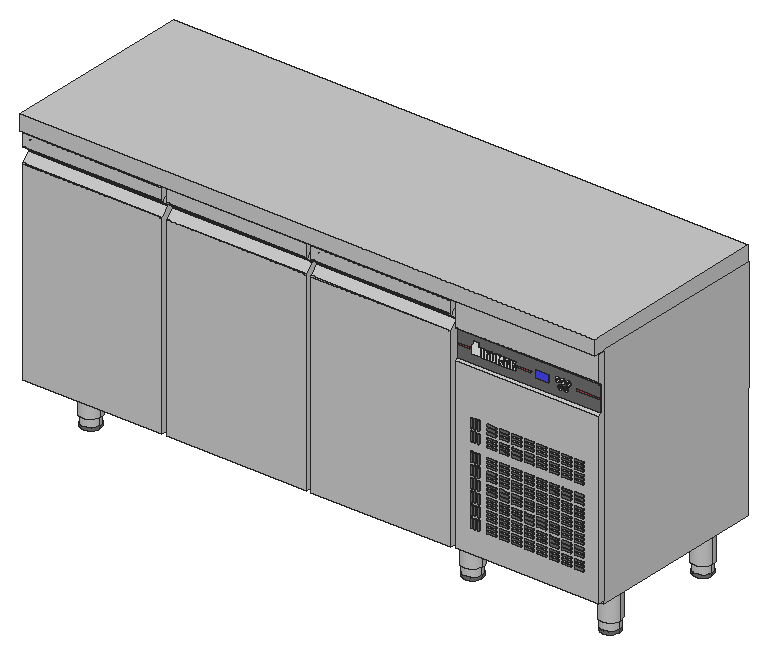
Revit family "QF_INOMAK_PMRP999_250528101708", category Specialty Equipment, Revit 2021 (continued)
Definition of nested family "QF_INOMAK_REF_COUNTERS_DOORS_DRAWERS_16690"
  Definition of nested family "4_Drawers_1-4"
    Parameters (values of type "4 Drawers 1-4")
      URL = "www.specifiglobal.com"
      Top inset [instance] = 4 mm
      Right panel thickness [instance] = 35 mm
      Rear inset [instance] = 10 mm
      Plinth height [instance] = 150 mm
      Model = ""
      Manufacturer = "DEMO CONSULTANT"
      Length Actual [instance] = 1200 mm
      Left panel thickness [instance] = 35 mm
      Height Actual [instance] = 900 mm
      Front inset [instance] = 10 mm
      Finish [instance] = none
      Doors drawers type [instance] = 7
      Description = ""
      Depth Actual [instance] = 700 mm
      Default Elevation = 0 mm
      Bottom inset [instance] = 4 mm
      Assembly Code = "E1090320"
      4 Drawers [instance] = Doors drawers type = 7  # yes
    Reference planes
      plane 1 "Back": y = 0
      plane 2: z = 0
      plane 3 "Left": x = 0
      plane 4 "Right": x = 1200
      plane 5 "Front": y = -700
      plane 6 "Top": z = 1050
      plane 7 "Front legs": y = -690
      plane 8 "Legs top": z = 150
      plane 9 "Backsplash thickness": y = -10
      plane 10 "Left panel": x = 35
      plane 11 "Right panel": x = 1165
      plane 12: z = 824.25
      plane 13: z = 1046
      plane 14: z = 826.083
      plane 15: z = 822.417
      plane 16: z = 1048.5
      plane 17: z = 375.75
      plane 18: z = 377.917
      plane 19: z = 373.583
      plane 20: z = 154
      plane 21: z = 151.5
      plane 22: z = 600
      plane 23: z = 601.833
      plane 24: z = 598.167
    Forms (mm)
      Extrusion 1, solid, material <- "Finish", visible <- "4 Drawers"
        sketch origin (35, 0, -1) x (0, -1, 0) y (0, 0, 1)
          loop
            line (680, 1047) -> (670, 1047) -> (670, 827.083) -> (690, 827.083) -> (690, 990.844)
            arc (690, 990.844) -> (689.115, 996.728) -> (686.539, 1002.09) r 20
            line (686.539, 1002.09) -> (673, 1022) -> (673, 1044) -> (680, 1044)
            arc (680, 1044) -> (684.95, 1041.95) -> (687, 1037) r 7
            line (687, 1037) -> (687, 1031.988) -> (690, 1031.988) -> (690, 1037)
            arc (690, 1037) -> (687.071, 1044.071) -> (680, 1047) r 10
        from 0 to -1130
      Extrusion 2, solid, visible <- "4 Drawers", detail levels coarse
        sketch origin (0, -640.463, 826.083) x (0, 1, 0) y (-1, 0, 0)
          loop
            line (-49.537, -35) -> (-624.537, -35) -> (-624.537, -1165) -> (-49.537, -1165) -> (-49.537, -35)
        from 0 to 219.917
      Extrusion 3, solid, visible <- "4 Drawers", detail levels coarse
        sketch origin (0, -700, 154) x (-1, 0, 0) y (0, 1, 0)
          loop
            line (-35, 10) -> (-1165, 10) -> (-1165, -565) -> (-35, -565) -> (-35, 10)
        from 0 to -219.583
      Extrusion 4, solid, material <- "Finish", visible <- "4 Drawers"
        sketch origin (35, 0, -440.333) x (0, -1, 0) y (0, 0, 1)
          loop
            line (680, 813.917) -> (670, 813.917) -> (670, 594.333) -> (690, 594.333) -> (690, 757.761)
            arc (690, 757.761) -> (689.115, 763.644) -> (686.539, 769.007) r 20
            line (686.539, 769.007) -> (673, 788.917) -> (673, 810.917) -> (680, 810.917)
            arc (680, 810.917) -> (684.95, 808.866) -> (687, 803.917) r 7
            line (687, 803.917) -> (687, 798.904) -> (690, 798.904) -> (690, 803.917)
            arc (690, 803.917) -> (687.071, 810.988) -> (680, 813.917) r 10
        from 0 to -1130
      Extrusion 5, solid, material <- "Finish", visible <- "4 Drawers"
        sketch origin (35, 0, -165.333) x (0, -1, 0) y (0, 0, 1)
          loop
            line (680, 987.75) -> (670, 987.75) -> (670, 767.167) -> (690, 767.167) -> (690, 931.594)
            arc (690, 931.594) -> (689.115, 937.478) -> (686.539, 942.84) r 20
            line (686.539, 942.84) -> (673, 962.75) -> (673, 984.75) -> (680, 984.75)
            arc (680, 984.75) -> (684.95, 982.7) -> (687, 977.75) r 7
            line (687, 977.75) -> (687, 972.738) -> (690, 972.738) -> (690, 977.75)
            arc (690, 977.75) -> (687.071, 984.821) -> (680, 987.75) r 10
        from 0 to -1130
      Extrusion 6, solid, material <- "Finish", visible <- "4 Drawers"
        sketch origin (35, 0, -330.333) x (0, -1, 0) y (0, 0, 1)
          loop
            line (680, 928.5) -> (670, 928.5) -> (670, 708.25) -> (690, 708.25) -> (690, 872.344)
            arc (690, 872.344) -> (689.115, 878.228) -> (686.539, 883.59) r 20
            line (686.539, 883.59) -> (673, 903.5) -> (673, 925.5) -> (680, 925.5)
            arc (680, 925.5) -> (684.95, 923.45) -> (687, 918.5) r 7
            line (687, 918.5) -> (687, 913.488) -> (690, 913.488) -> (690, 918.5)
            arc (690, 918.5) -> (687.071, 925.571) -> (680, 928.5) r 10
        from 0 to -1130
      Extrusion 7, solid, visible <- "4 Drawers", detail levels coarse
        sketch origin (0, -500.463, 601.833) x (0, 1, 0) y (-1, 0, 0)
          loop
            line (-189.537, -35) -> (-764.537, -35) -> (-764.537, -1165) -> (-189.537, -1165) -> (-189.537, -35)
        from 0 to 220.583
      Extrusion 8, solid, visible <- "4 Drawers", detail levels coarse
        sketch origin (0, -540.463, 377.917) x (0, 1, 0) y (-1, 0, 0)
          loop
            line (-149.537, -35) -> (-724.537, -35) -> (-724.537, -1165) -> (-149.537, -1165) -> (-149.537, -35)
        from 0 to 220.25
    Lines and regions (mm)
      symbolic lines, visible <- "4 Drawers"
        curve 1: line (35, -945, 900) -> (35, -985, 900)
        curve 2: line (35, -985, 900) -> (1165, -985, 900)
        curve 3: line (1165, -985, 900) -> (1165, -945, 900)
        curve 4: line (1165, -945, 900) -> (35, -945, 900)
        curve 5: line (1135, -945, 900) -> (1135, -845, 900)
        curve 6: line (65, -945, 900) -> (65, -845, 900)
        curve 7: line (35, -1085, 900) -> (35, -1125, 900)
        curve 8: line (35, -1125, 900) -> (1165, -1125, 900)
        curve 9: line (1165, -1125, 900) -> (1165, -1085, 900)
        curve 10: line (1165, -1085, 900) -> (35, -1085, 900)
        curve 11: line (1135, -1085, 900) -> (1135, -985, 900)
        curve 12: line (65, -1085, 900) -> (65, -985, 900)
        curve 13: line (35, -1225, 900) -> (35, -1265, 900)
        curve 14: line (35, -1265, 900) -> (1165, -1265, 900)
        curve 15: line (1165, -1265, 900) -> (1165, -1225, 900)
        curve 16: line (1165, -1225, 900) -> (35, -1225, 900)
        curve 17: line (1135, -1225, 900) -> (1135, -1125, 900)
        curve 18: line (65, -1225, 900) -> (65, -1125, 900)
        curve 19: line (35, -805, 900) -> (35, -845, 900)
        curve 20: line (35, -845, 900) -> (1165, -845, 900)
        curve 21: line (1165, -845, 900) -> (1165, -805, 900)
        curve 22: line (1165, -805, 900) -> (35, -805, 900)
        curve 23: line (65, -805, 900) -> (65, -700, 900)
        curve 24: line (1135, -805, 900) -> (1135, -700, 900)
    Dimensions and locks
      "Length Actual": plane 3 "Left" to plane 4 "Right"
      "Depth Actual": plane 5 "Front" to plane 1 "Back"
      "Height Actual": plane 6 "Top" to plane 8 "Legs top"
      "Front inset": plane 7 "Front legs" to plane 5 "Front"
      "Plinth height": plane 8 "Legs top" to plane 2
      "Rear inset": plane 9 "Backsplash thickness" to plane 1 "Back"
      "Right panel thickness": plane 11 "Right panel" to plane 4 "Right"
      "Left panel thickness": plane 3 "Left" to plane 10 "Left panel"
      locked: plane 14 to plane 15 at 3.667
      equal spacing: plane 14, plane 12, plane 15
      locked: plane 23 to plane 24 at 3.667
      equal spacing: plane 23, plane 22, plane 24
      "Bottom inset": plane 20 to plane 8 "Legs top"
      equal spacing: plane 19, plane 17, plane 18
      locked: plane 19 to plane 18 at 4.333
      equal spacing: plane 21, plane 17, plane 22, plane 12, plane 16
      locked: plane 13 to plane 16 at 2.5
      "Top inset": plane 13 to plane 6 "Top"
      locked: plane 21 to plane 20 at 2.5
      aligned and locked: level to plane 2
      aligned and locked: plane 7 "Front legs" to Extrusion 1 sketch curve  (x2)
      aligned and locked: Extrusion 1 to plane 11 "Right panel"
      aligned and locked: Extrusion 1 sketch curve to plane 13
      aligned and locked: Extrusion 1 sketch curve to plane 14
      aligned and locked: plane 10 "Left panel" to curve 1
      aligned and locked: plane 10 "Left panel" to curve 7
      aligned and locked: plane 10 "Left panel" to curve 13
      aligned and locked: Extrusion 2 sketch curve to plane 10 "Left panel"
      aligned and locked: plane 11 "Right panel" to Extrusion 2 sketch curve
      aligned and locked: Extrusion 3 sketch curve to plane 10 "Left panel"
      aligned and locked: plane 11 "Right panel" to Extrusion 3 sketch curve
      aligned and locked: Extrusion 2 to plane 13
      aligned and locked: Extrusion 3 to plane 19
      aligned and locked: plane 20 to Extrusion 4 sketch curve
      aligned and locked: Extrusion 4 to plane 11 "Right panel"
      aligned and locked: Extrusion 5 sketch curve to plane 15
      aligned and locked: plane 7 "Front legs" to Extrusion 5 sketch curve
      aligned and locked: Extrusion 5 sketch curve to plane 23
      aligned and locked: Extrusion 6 sketch curve to plane 24
      aligned and locked: plane 7 "Front legs" to Extrusion 6 sketch curve
      aligned and locked: Extrusion 6 sketch curve to plane 18
      aligned and locked: Extrusion 7 to plane 15
      aligned and locked: Extrusion 8 to plane 24
      aligned and locked: Extrusion 5 to plane 11 "Right panel"
      aligned and locked: Extrusion 6 to plane 11 "Right panel"
    Automatic sketch dimensions
      Extrusion 1 sketch curve to Extrusion 1 sketch curve = 0 mm  (x2)
      plane 7 "Front legs" to Extrusion 1 sketch curve = 3 mm
      plane 7 "Front legs" to Extrusion 1 sketch curve = 3.461 mm
      plane 7 "Front legs" to Extrusion 1 sketch curve = 10 mm
      Extrusion 1 sketch curve to Extrusion 1 sketch curve = 7 mm
      plane 7 "Front legs" to Extrusion 1 sketch curve = 20 mm  (x2)
      Extrusion 1 sketch curve to Extrusion 1 sketch curve = 46.156 mm
      Extrusion 1 sketch curve to Extrusion 1 sketch curve = 15 mm
      Extrusion 1 sketch curve to Extrusion 1 sketch curve = 5.012 mm
      Extrusion 2 sketch curve to plane 7 "Front legs" = 0 mm
      Extrusion 2 sketch curve to plane 5 "Front" = 565 mm
      Extrusion 3 sketch curve to plane 7 "Front legs" = 0 mm
      Extrusion 3 sketch curve to plane 5 "Front" = 565 mm
      Extrusion 5 sketch curve to Extrusion 5 sketch curve = 0 mm  (x2)
      Extrusion 5 sketch curve to plane 7 "Front legs" = 0 mm
      plane 7 "Front legs" to Extrusion 5 sketch curve = 3 mm
      plane 7 "Front legs" to Extrusion 5 sketch curve = 3.461 mm
      plane 7 "Front legs" to Extrusion 5 sketch curve = 10 mm
      Extrusion 5 sketch curve to Extrusion 5 sketch curve = 7 mm
      plane 7 "Front legs" to Extrusion 5 sketch curve = 20 mm  (x2)
      Extrusion 5 sketch curve to Extrusion 5 sketch curve = 46.156 mm
      Extrusion 5 sketch curve to Extrusion 5 sketch curve = 15 mm
      Extrusion 5 sketch curve to Extrusion 5 sketch curve = 5.012 mm
      Extrusion 6 sketch curve to Extrusion 6 sketch curve = 0 mm  (x2)
      Extrusion 6 sketch curve to plane 7 "Front legs" = 0 mm
      plane 7 "Front legs" to Extrusion 6 sketch curve = 3 mm
      plane 7 "Front legs" to Extrusion 6 sketch curve = 3.461 mm
      plane 7 "Front legs" to Extrusion 6 sketch curve = 10 mm
      Extrusion 6 sketch curve to Extrusion 6 sketch curve = 7 mm
      plane 7 "Front legs" to Extrusion 6 sketch curve = 20 mm  (x2)
      Extrusion 6 sketch curve to Extrusion 6 sketch curve = 46.156 mm
      Extrusion 6 sketch curve to Extrusion 6 sketch curve = 15 mm
      Extrusion 6 sketch curve to Extrusion 6 sketch curve = 5.012 mm
      curve 14 to plane 11 "Right panel" = 0 mm
      curve 8 to plane 11 "Right panel" = 0 mm
      curve 2 to plane 11 "Right panel" = 0 mm
      curve 21 to plane 11 "Right panel" = 0 mm
      curve 20 to plane 10 "Left panel" = 0 mm
      curve 23 to plane 5 "Front" = 0 mm
      curve 24 to plane 5 "Front" = 0 mm
      curve 21 to plane 5 "Front" = 105 mm
      curve 20 to curve 21 = 40 mm
      curve 3 to curve 20 = 100 mm
      curve 3 to curve 3 = 40 mm
      curve 10 to curve 1 = 100 mm
      curve 9 to curve 9 = 40 mm
      curve 15 to curve 8 = 100 mm
      curve 15 to curve 15 = 40 mm
      plane 11 "Right panel" to curve 24 = 30 mm
      curve 8 to curve 17 = 30 mm
      curve 11 to curve 17 = 0 mm
      curve 23 to plane 10 "Left panel" = 30 mm
      curve 12 to curve 6 = 0 mm
      curve 18 to curve 12 = 0 mm
      Extrusion 4 sketch curve to Extrusion 4 sketch curve = 0 mm  (x2)
      plane 19 to Extrusion 4 sketch curve = 0 mm
      Extrusion 4 sketch curve to plane 7 "Front legs" = 0 mm  (x2)
      plane 7 "Front legs" to Extrusion 4 sketch curve = 3 mm
      plane 7 "Front legs" to Extrusion 4 sketch curve = 3.461 mm
      plane 7 "Front legs" to Extrusion 4 sketch curve = 10 mm
      Extrusion 4 sketch curve to Extrusion 4 sketch curve = 7 mm
      plane 7 "Front legs" to Extrusion 4 sketch curve = 20 mm  (x2)
      Extrusion 4 sketch curve to Extrusion 4 sketch curve = 46.156 mm
      Extrusion 4 sketch curve to Extrusion 4 sketch curve = 15 mm
      Extrusion 4 sketch curve to Extrusion 4 sketch curve = 5.012 mm
      Extrusion 7 sketch curve to plane 10 "Left panel" = 0 mm
      Extrusion 7 sketch curve to plane 11 "Right panel" = 0 mm
      Extrusion 7 sketch curve to plane 7 "Front legs" = 0 mm
      Extrusion 7 sketch curve to plane 5 "Front" = 565 mm
      Extrusion 8 sketch curve to plane 10 "Left panel" = 0 mm
      Extrusion 8 sketch curve to plane 11 "Right panel" = 0 mm
      Extrusion 8 sketch curve to plane 7 "Front legs" = 0 mm
      Extrusion 8 sketch curve to plane 5 "Front" = 565 mm
      curve 6 to plane 10 "Left panel" = 30 mm
      curve 5 to curve 24 = 0 mm
  Definition of nested family "Hinged_Doors"
    Parameters (values of type "Hinged doors")
      URL = "www.specifiglobal.com"
      Top inset [instance] = 4 mm
      Right panel thickness [instance] = 35 mm
      Rear inset [instance] = 10 mm
      Plinth height [instance] = 150 mm
      Model = ""
      Manufacturer = "DEMO CONSULTANT"
      Length Actual [instance] = 1200 mm
      Left panel thickness [instance] = 35 mm
      Hinged doors [instance] = Doors drawers type = 3  # yes
      Height Actual [instance] = 900 mm
      Front inset [instance] = 10 mm
      Finish [instance] = none
      Doors drawers type [instance] = 3
      Description = ""
      Depth Actual [instance] = 700 mm
      Default Elevation = 0 mm
      Bottom inset [instance] = 4 mm
      Assembly Code = "E1090320"
    Reference planes
      plane 1 "Back": y = 0
      plane 2: z = 0
      plane 3 "Left": x = 0
      plane 4 "Right": x = 1200
      plane 5 "Front": y = -700
      plane 6 "Top": z = 1050
      plane 7 "Front legs": y = -690
      plane 8 "Legs top": z = 150
      plane 9 "Backsplash thickness": y = -10
      plane 10: x = 35
      plane 11: x = 1165
      plane 12 "Center Left-Right": x = 600
      plane 13: x = 597.5
      plane 14: x = 602.5
      plane 15: z = 154
      plane 16: z = 1046
    Forms (mm)
      Extrusion 1, solid, material <- "Finish", visible <- "Hinged doors"
        sketch origin (35, -2307.849, 4000) x (0, -1, 0) y (0, 0, 1)
          loop
            line (-1627.849, -2954) -> (-1637.849, -2954) -> (-1637.849, -3846) -> (-1617.849, -3846) -> (-1617.849, -3010.156)
            arc (-1617.849, -3010.156) -> (-1618.734, -3004.272) -> (-1621.31, -2998.91) r 20
            line (-1621.31, -2998.91) -> (-1634.849, -2979) -> (-1634.849, -2957) -> (-1627.849, -2957)
            arc (-1627.849, -2957) -> (-1622.899, -2959.05) -> (-1620.849, -2964) r 7
            line (-1620.849, -2964) -> (-1620.849, -2969.012) -> (-1617.849, -2969.012) -> (-1617.849, -2964)
            arc (-1617.849, -2964) -> (-1620.778, -2956.929) -> (-1627.849, -2954) r 10
        from 0 to -562.5
      Extrusion 2, solid, visible <- "Hinged doors", detail levels coarse
        sketch origin (0, -700, 154) x (-1, 0, 0) y (0, 1, 0)
          loop
            line (-35, 10) -> (-597.5, 10)
            arc (-597.5, 10) -> (-432.748, -387.748) -> (-35, -552.5) r 562.5
            line (-35, -552.5) -> (-35, 10)
        from 0 to -892
      Extrusion 3, solid, material <- "Finish", visible <- "Hinged doors"
        sketch origin (1165, -2312.576, 4000) x (0, -1, 0) y (0, 0, 1)
          loop
            line (-1632.576, -2954) -> (-1642.576, -2954) -> (-1642.576, -3846) -> (-1622.576, -3846) -> (-1622.576, -3010.156)
            arc (-1622.576, -3010.156) -> (-1623.46, -3004.272) -> (-1626.037, -2998.91) r 20
            line (-1626.037, -2998.91) -> (-1639.576, -2979) -> (-1639.576, -2957) -> (-1632.576, -2957)
            arc (-1632.576, -2957) -> (-1627.626, -2959.05) -> (-1625.576, -2964) r 7
            line (-1625.576, -2964) -> (-1625.576, -2969.012) -> (-1622.576, -2969.012) -> (-1622.576, -2964)
            arc (-1622.576, -2964) -> (-1625.504, -2956.929) -> (-1632.576, -2954) r 10
        from 0 to 562.5
      Extrusion 4, solid, visible <- "Hinged doors", detail levels coarse
        sketch origin (0, -700, 154) x (-1, 0, 0) y (0, 1, 0)
          loop
            line (-1165, 10) -> (-1165, -552.5)
            arc (-1165, -552.5) -> (-767.252, -387.748) -> (-602.5, 10) r 562.5
            line (-602.5, 10) -> (-1165, 10)
        from 0 to -892
    Lines and regions (mm)
      symbolic lines, visible <- "Hinged doors"
        curve 1: line (35, -700, 150) -> (35, -1252.5, 150)
        curve 2: arc (35, -1252.5, 150) -> (429.196, -1091.268, 150) -> (597.411, -700, 150) r 562.5
        curve 3: arc (602.589, -700, 150) -> (770.804, -1091.268, 150) -> (1165, -1252.5, 150) r 562.5
        curve 4: line (1165, -1252.5, 150) -> (1165, -700, 150)
    Dimensions and locks
      "Length Actual": plane 3 "Left" to plane 4 "Right"
      "Depth Actual": plane 5 "Front" to plane 1 "Back"
      "Height Actual": plane 6 "Top" to plane 8 "Legs top"
      "Front inset": plane 7 "Front legs" to plane 5 "Front"
      "Plinth height": plane 8 "Legs top" to plane 2
      "Rear inset": plane 9 "Backsplash thickness" to plane 1 "Back"
      "Right panel thickness": plane 11 to plane 4 "Right"
      "Left panel thickness": plane 3 "Left" to plane 10
      equal spacing: plane 10, plane 12 "Center Left-Right", plane 11
      plane 13 to plane 12 "Center Left-Right" = 2.5 mm
      plane 12 "Center Left-Right" to plane 14 = 2.5 mm
      "Bottom inset": plane 15 to plane 8 "Legs top"
      "Top inset": plane 16 to plane 6 "Top"
      aligned and locked: level to plane 2
      aligned and locked: Extrusion 1 to plane 13
      aligned and locked: plane 10 to Extrusion 2 sketch curve
      aligned and locked: plane 13 to Extrusion 2 sketch curve
      aligned and locked: plane 7 "Front legs" to Extrusion 2 sketch curve  (x2)
      aligned and locked: plane 14 to Extrusion 3
      aligned and locked: Extrusion 2 to curve 1
      aligned and locked: curve 2 to Extrusion 2
      aligned and locked: curve 3 to Extrusion 4
      aligned and locked: curve 4 to Extrusion 4
      aligned and locked: plane 5 "Front" to curve 1
      aligned and locked: plane 5 "Front" to curve 2
      aligned and locked: plane 5 "Front" to curve 3
      aligned and locked: plane 5 "Front" to curve 4
      aligned and locked: Extrusion 4 to plane 16
      aligned and locked: Extrusion 2 to plane 16
      aligned and locked: Extrusion 1 sketch curve to plane 16
      aligned and locked: Extrusion 1 sketch curve to plane 15
      aligned and locked: Extrusion 3 sketch curve to plane 15
      aligned and locked: Extrusion 3 sketch curve to plane 16
    Automatic sketch dimensions
      Extrusion 1 sketch curve to Extrusion 1 sketch curve = 0 mm  (x2)
      Extrusion 1 sketch curve to plane 7 "Front legs" = 0 mm  (x2)
      plane 7 "Front legs" to Extrusion 1 sketch curve = 3 mm
      plane 7 "Front legs" to Extrusion 1 sketch curve = 3.461 mm
      plane 7 "Front legs" to Extrusion 1 sketch curve = 10 mm
      Extrusion 1 sketch curve to Extrusion 1 sketch curve = 7 mm
      plane 7 "Front legs" to Extrusion 1 sketch curve = 20 mm  (x2)
      Extrusion 1 sketch curve to Extrusion 1 sketch curve = 46.156 mm
      Extrusion 1 sketch curve to Extrusion 1 sketch curve = 15 mm
      Extrusion 1 sketch curve to Extrusion 1 sketch curve = 5.012 mm
      Extrusion 3 sketch curve to Extrusion 3 sketch curve = 0 mm  (x2)
      Extrusion 3 sketch curve to plane 7 "Front legs" = 0 mm  (x2)
      Extrusion 3 sketch curve to Extrusion 3 sketch curve = 3 mm
      plane 7 "Front legs" to Extrusion 3 sketch curve = 3.461 mm
      plane 7 "Front legs" to Extrusion 3 sketch curve = 10 mm
      Extrusion 3 sketch curve to Extrusion 3 sketch curve = 7 mm
      Extrusion 3 sketch curve to Extrusion 3 sketch curve = 16.539 mm
      Extrusion 3 sketch curve to Extrusion 3 sketch curve = 20 mm
      Extrusion 3 sketch curve to Extrusion 3 sketch curve = 46.156 mm
      Extrusion 3 sketch curve to Extrusion 3 sketch curve = 15 mm
      Extrusion 3 sketch curve to Extrusion 3 sketch curve = 5.012 mm
      Extrusion 4 sketch curve to plane 11 = 0 mm
      Extrusion 4 sketch curve to plane 7 "Front legs" = 0 mm
      Extrusion 4 sketch curve to plane 14 = 0 mm
  Definition of nested family "Hopper"
    Parameters (values of type "Hopper")
      URL = "www.specifiglobal.com"
      Top inset [instance] = 4 mm
      Right panel thickness [instance] = 35 mm
      Rear inset [instance] = 10 mm
      Plinth height [instance] = 150 mm
      Model = ""
      Manufacturer = "DEMO CONSULTANT"
      Length Actual [instance] = 700 mm
      Left panel thickness [instance] = 35 mm
      Hopper [instance] = Doors drawers type = 10  # yes
      Height Actual [instance] = 900 mm
      Front inset [instance] = 10 mm
      Finish [instance] = none
      Doors drawers type [instance] = 10
      Description = ""
      Depth Actual [instance] = 700 mm
      Default Elevation = 0 mm
      Bottom inset [instance] = 4 mm
      Assembly Code = "E1090320"
      2 Drawers = yes
    Reference planes
      plane 1 "Back": y = 0
      plane 2: z = 0
      plane 3 "Left": x = 0
      plane 4 "Right": x = 700
      plane 5 "Front": y = -700
      plane 6 "Top": z = 1050
      plane 7 "Front legs": y = -690
      plane 8 "Legs top": z = 150
      plane 9 "Backsplash thickness": y = -10
      plane 10 "Left panel": x = 35
      plane 11 "Right panel": x = 665
      plane 12: z = 1046
      plane 13: z = 154
    Forms (mm)
      Extrusion 1, solid, material <- "Finish", visible <- "Hopper"
        sketch origin (35, 0, 0) x (0, -1, 0) y (0, 0, 1)
          loop
            line (690, 154) -> (690, 960.365)
            arc (690, 960.365) -> (689.866, 961.037) -> (689.485, 961.607) r 1.757
            line (689.485, 961.607) -> (666.663, 984.429)
            arc (666.663, 984.429) -> (665.976, 985.458) -> (665.734, 986.672) r 3.172
            line (665.734, 986.672) -> (665.734, 1013.576)
            arc (665.734, 1013.576) -> (666.433, 1015.262) -> (668.119, 1015.961) r 2.385
            line (668.119, 1015.961) -> (680.029, 1015.961) -> (686.544, 1006.657)
            arc (686.544, 1006.657) -> (688.671, 1005.935) -> (690, 1007.747) r 1.9
            line (690, 1007.747) -> (690, 1046) -> (648, 1046) -> (648, 154) -> (690, 154)
        from 0 to -630
      Extrusion 2, solid, visible <- "Hopper", detail levels coarse
        sketch origin (35, 0, 0) x (0, -1, 0) y (0, 0, 1)
          loop
            line (690, 154) -> (1265, 154) -> (1265, 1046) -> (690, 1046) -> (690, 154)
        from 0 to -630
    Lines and regions (mm)
      symbolic lines, visible <- "Hopper"
        curve 1: line (35, -1225, 900) -> (35, -1265, 900)
        curve 2: line (35, -1265, 900) -> (665, -1265, 900)
        curve 3: line (665, -1265, 900) -> (665, -1225, 900)
        curve 4: line (665, -1225, 900) -> (35, -1225, 900)
        curve 5: line (635, -1225, 900) -> (635, -700, 900)
        curve 6: line (65, -1225, 900) -> (65, -700, 900)
    Dimensions and locks
      "Length Actual": plane 3 "Left" to plane 4 "Right"
      "Depth Actual": plane 5 "Front" to plane 1 "Back"
      "Height Actual": plane 6 "Top" to plane 8 "Legs top"
      "Front inset": plane 7 "Front legs" to plane 5 "Front"
      "Plinth height": plane 8 "Legs top" to plane 2
      "Rear inset": plane 9 "Backsplash thickness" to plane 1 "Back"
      "Right panel thickness": plane 11 "Right panel" to plane 4 "Right"
      "Left panel thickness": plane 3 "Left" to plane 10 "Left panel"
      "Top inset": plane 12 to plane 6 "Top"
      "Bottom inset": plane 13 to plane 8 "Legs top"
      aligned and locked: level to plane 2
      aligned and locked: Extrusion 1 to plane 11 "Right panel"
      aligned and locked: Extrusion 2 to plane 11 "Right panel"
      aligned and locked: plane 10 "Left panel" to Extrusion 2
      aligned and locked: Extrusion 1 sketch curve to plane 12
      aligned and locked: Extrusion 1 sketch curve to Extrusion 2
      aligned and locked: Extrusion 1 sketch curve to plane 13
    Automatic sketch dimensions
      Extrusion 1 sketch curve to Extrusion 1 sketch curve = 17.734 mm
      Extrusion 1 sketch curve to Extrusion 1 sketch curve = 0.929 mm
      Extrusion 1 sketch curve to Extrusion 1 sketch curve = 2.385 mm
      Extrusion 1 sketch curve to Extrusion 1 sketch curve = 3.172 mm
      Extrusion 1 sketch curve to Extrusion 1 sketch curve = 11.91 mm
      Extrusion 1 sketch curve to Extrusion 1 sketch curve = 6.515 mm
      Extrusion 1 sketch curve to Extrusion 1 sketch curve = 1.556 mm
      Extrusion 1 sketch curve to Extrusion 1 sketch curve = 21.58 mm
      Extrusion 1 sketch curve to Extrusion 1 sketch curve = 1.242 mm
      Extrusion 1 sketch curve to Extrusion 1 sketch curve = 1.9 mm
      Extrusion 1 sketch curve to Extrusion 1 sketch curve = 0.515 mm
      Extrusion 1 sketch curve to Extrusion 1 sketch curve = 22.822 mm
      Extrusion 1 sketch curve to Extrusion 1 sketch curve = 19.985 mm
      Extrusion 1 sketch curve to Extrusion 1 sketch curve = 6.919 mm
      Extrusion 1 sketch curve to Extrusion 1 sketch curve = 30.039 mm
      Extrusion 2 sketch curve to plane 7 "Front legs" = 0 mm
      plane 13 to Extrusion 2 sketch curve = 0 mm
      plane 12 to Extrusion 2 sketch curve = 0 mm
      Extrusion 2 sketch curve to plane 5 "Front" = 565 mm
      curve 1 to plane 10 "Left panel" = 0 mm
      curve 2 to plane 11 "Right panel" = 0 mm
      curve 6 to plane 5 "Front" = 0 mm
      curve 5 to plane 5 "Front" = 0 mm
      curve 4 to plane 5 "Front" = 525 mm
      curve 3 to curve 3 = 40 mm
      plane 11 "Right panel" to curve 5 = 30 mm
      curve 6 to plane 10 "Left panel" = 30 mm
Definition of nested family "QF_INOMAK_REF_COUNTERS_DOORS_DRAWERS_26161"
  Parameters (values of type "DR-LX-710")
    Weight [instance] = 0.00 kg
    Warranty Start Date [instance] = ""
    Warranty Duration [instance] = ""
    URL Cutsheet [instance] = ""
    URL = "www.inomak.com"
    Top inset [instance] = 10 mm
    Technical Documentation [instance] = ""
    Tag Number [instance] = ""
    Status [instance] = ""
    Specification by User [instance] = ""
    Specification by Manufacturer [instance] = ""
    Sound Level [instance] = ""
    Solid Fuel Type [instance] = ""
    Show Logo [instance] = yes
    Show Clearances [instance] = yes
    Service Life Duration [instance] = ""
    Serial Number [instance] = ""
    Seismic Rating [instance] = ""
    SMACNA No [instance] = ""
    Right panel thickness [instance] = 0 mm
    Revision Code [instance] = ""
    Revision [instance] = ""
    Rear inset [instance] = 0 mm
    Production Year [instance] = ""
    Point Load [instance] = 0
    Plinth height [instance] = 0 mm
    Other Equipment Approvals [instance] = ""
    NAFEM Spec ID Number [instance] = ""
    Model Warning [instance] = ""
    Model = "DR-LX-710"
    Masterspec [instance] = ""
    Manufacturer = "INOMAK"
    Length Actual [instance] = 435 mm
    Left panel thickness [instance] = 0 mm
    Item Number [instance] = ""
    Installed By [instance] = ""
    Installation Date [instance] = ""
    Identify Quantity as Lot [instance] = yes
    ID [instance] = ""
    Hygiene Approval [instance] = ""
    Height Actual [instance] = 710 mm
    Furnished By [instance] = ""
    Front inset [instance] = 10 mm
    Foodservice Equipment Identifier [instance] = yes
    Finish [instance] = none
    ETL Approved [instance] = yes
    Doors drawers type [instance] = 8
    Description = "LEFT HINGED DOOR"
    Depth Actual [instance] = 700 mm
    Default Elevation = 0 mm
    CSI MasterFormat [instance] = ""
    CE Approved [instance] = yes
    Bottom inset [instance] = 10 mm
    Barcode [instance] = ""
    Author [instance] = ""
    Asset Identifier [instance] = ""
    Assembly Code = "E1090320"
    Accessory [instance] = yes
  Types (9, lengths in mm): name | Model | Height Actual | Doors drawers type | Description
    DW-2-710 | "DW-2-710" | 710 | 4 | "2 X GN 1/2 DRAWERS"
    DR-LX-710 | "DR-LX-710" | 710 | 8 | "LEFT HINGED DOOR"
    DR-RX-710 | "DR-RX-710" | 710 | 9 | "RIGHT HINGED DOOR"
    DW-3-710 | "DW-3-710" | 710 | 6 | "3 X GN 1/3 DRAWERS"
    DW-B-710 | "DW-B-710" | 710 | 5 | "1 X GN 1/3 & 1 X GN 2/3 DRAWERS"
    DW-2-483 | "DW-2-483" | 483 | 4 | "2 X GN 1/3 DRAWERS"
    DR-LX-483 | "DR-LX-483" | 483 | 8 | "LEFT HINGED DOOR"
    DR-RX-483 | "DR-RX-483" | 483 | 9 | "RIGHT HINGED DOOR"
    DW-1-483 | "DW-1-483" | 483 | 10 | "1 X GN 2/3 DRAWER"
  Reference planes
    plane 1 "Front": y = 0
    plane 2: z = 0
    plane 3 "Left": x = 0
    plane 4 "Right": x = 435
    plane 5 "Back": y = 700
    plane 6 "Top": z = 710
    plane 7 "Bottom shelf": z = 0
    plane 8: z = 700
    plane 9: z = 10
    plane 10: x = 0
    plane 11: x = 435
    plane 12 "Center Top Bottom": z = 355
  Lines and regions (mm)
    reference lines
      curve 1: line (0, 0, 355) -> (0, 25, 355)
      curve 2: line (435, 0, 355) -> (435, 25, 355)
      curve 3: line (0, 700, 355) -> (435, 700, 355)
      curve 4: line (0, 0, 355) -> (435, 0, 355)
  Dimensions and locks
    "Length Actual": plane 3 "Left" to plane 4 "Right"
    "Depth Actual": plane 1 "Front" to plane 5 "Back"
    "Height Actual": plane 6 "Top" to plane 7 "Bottom shelf"
    "Plinth height": plane 7 "Bottom shelf" to plane 2
    "Top inset": plane 6 "Top" to plane 8
    "Bottom inset": plane 9 to plane 7 "Bottom shelf"
    "Left panel thickness": plane 3 "Left" to plane 10
    "Right panel thickness": plane 11 to plane 4 "Right"
    equal spacing: plane 6 "Top", plane 12 "Center Top Bottom", plane 7 "Bottom shelf"
    "Length Actual": curve 1 to plane 4 "Right"
    "Length Actual": plane 3 "Left" to curve 2
    "Depth Actual": plane 1 "Front" to curve 3
    "Depth Actual": plane 5 "Back" to curve 4
    aligned and locked: level to plane 2
    aligned and locked: plane 3 "Left" to nested 1
    aligned and locked: plane 3 "Left" to nested 2
    aligned and locked: plane 3 "Left" to nested 3
    aligned and locked: plane 3 "Left" to nested 4
    aligned and locked: plane 3 "Left" to nested 5
    aligned and locked: plane 3 "Left" to nested 6
    aligned and locked: plane 3 "Left" to nested 7
    aligned and locked: plane 3 "Left" to nested 8
    aligned and locked: plane 3 "Left" to nested 9
    aligned and locked: nested 4 to plane 1 "Front"
    aligned and locked: nested 6 to plane 1 "Front"
    aligned and locked: nested 8 to plane 1 "Front"
    aligned and locked: nested 5 to plane 1 "Front"
    aligned and locked: nested 3 to plane 1 "Front"
    aligned and locked: nested 7 to plane 1 "Front"
    aligned and locked: nested 2 to plane 1 "Front"
    aligned and locked: nested 1 to plane 1 "Front"
    aligned and locked: nested 9 to plane 1 "Front"
  Automatic sketch dimensions
    curve 3 to plane 4 "Right" = 0 mm
    curve 3 to plane 3 "Left" = 0 mm
    curve 2 to curve 2 = 25 mm
    curve 1 to curve 1 = 25 mm
  Nested families
    nested 1: "Right_Door" at (0, 700, 0), Depth Actual <- "Depth Actual", Height Actual <- "Height Actual", Length Actual <- "Length Actual", Front inset <- "Front inset", Rear inset <- "Rear inset", Left panel thickness <- "Left panel thickness", Right panel thickness <- "Right panel thickness", Doors drawers type <- "Doors drawers type", Plinth height <- "Plinth height", Top inset <- "Top inset", Bottom inset <- "Bottom inset", type "Right door"
      with Top inset 10 mm, Right panel thickness 0 mm, Right hand hinged door no, Rear inset 0 mm, Plinth height 0 mm, Length Actual 435 mm, Left panel thickness 0 mm, Height Actual 710 mm, Front inset 10 mm, Doors drawers type 8, Depth Actual 700 mm, Bottom inset 10 mm
    nested 2: "Left_Door" at (0, 700, 0), Depth Actual <- "Depth Actual", Height Actual <- "Height Actual", Length Actual <- "Length Actual", Front inset <- "Front inset", Rear inset <- "Rear inset", Left panel thickness <- "Left panel thickness", Right panel thickness <- "Right panel thickness", Doors drawers type <- "Doors drawers type", Plinth height <- "Plinth height", Top inset <- "Top inset", Bottom inset <- "Bottom inset", type "Left door"
      with Top inset 10 mm, Right panel thickness 0 mm, Rear inset 0 mm, Plinth height 0 mm, Length Actual 435 mm, Left panel thickness 0 mm, Left hand hinged door yes, Height Actual 710 mm, Front inset 10 mm, Doors drawers type 8, Depth Actual 700 mm, Bottom inset 10 mm
    nested 3: "3_Drawers_1-3" at (0, 700, 0), Depth Actual <- "Depth Actual", Height Actual <- "Height Actual", Length Actual <- "Length Actual", Front inset <- "Front inset", Rear inset <- "Rear inset", Left panel thickness <- "Left panel thickness", Right panel thickness <- "Right panel thickness", Doors drawers type <- "Doors drawers type", Plinth height <- "Plinth height", Top inset <- "Top inset", Bottom inset <- "Bottom inset", type "3 Drawers 1-3"
      with Top inset 10 mm, Right panel thickness 0 mm, Rear inset 0 mm, Plinth height 0 mm, Length Actual 435 mm, Left panel thickness 0 mm, Height Actual 710 mm, Front inset 10 mm, Doors drawers type 8, Depth Actual 700 mm, Bottom inset 10 mm, 3 Drawers no
    nested 4: "2_Drawers_1-2" at (0, 700, 0), Depth Actual <- "Depth Actual", Height Actual <- "Height Actual", Length Actual <- "Length Actual", Front inset <- "Front inset", Rear inset <- "Rear inset", Left panel thickness <- "Left panel thickness", Right panel thickness <- "Right panel thickness", Doors drawers type <- "Doors drawers type", Plinth height <- "Plinth height", Top inset <- "Top inset", Bottom inset <- "Bottom inset", type "2 Drawers 1-2"
      with Top inset 10 mm, Right panel thickness 0 mm, Rear inset 0 mm, Plinth height 0 mm, Length Actual 435 mm, Left panel thickness 0 mm, Height Actual 710 mm, Front inset 10 mm, Doors drawers type 8, Depth Actual 700 mm, Bottom inset 10 mm, 2 Drawers no
    nested 5: "2_Drawers_1-3_2-3" at (0, 700, 0), Depth Actual <- "Depth Actual", Height Actual <- "Height Actual", Length Actual <- "Length Actual", Front inset <- "Front inset", Rear inset <- "Rear inset", Left panel thickness <- "Left panel thickness", Right panel thickness <- "Right panel thickness", Doors drawers type <- "Doors drawers type", Plinth height <- "Plinth height", Top inset <- "Top inset", Bottom inset <- "Bottom inset", type "2 Drawers 1-3 and 2-3"
      with Top inset 10 mm, Right panel thickness 0 mm, Rear inset 0 mm, Plinth height 0 mm, Length Actual 435 mm, Left panel thickness 0 mm, Height Actual 710 mm, Front inset 10 mm, Doors drawers type 8, Depth Actual 700 mm, Bottom inset 10 mm, 2 Drawers 1-3 and 2-3 no
    nested 6: "Sliding_Doors" at (0, 700, 0), Depth Actual <- "Depth Actual", Height Actual <- "Height Actual", Length Actual <- "Length Actual", Front inset <- "Front inset", Rear inset <- "Rear inset", Left panel thickness <- "Left panel thickness", Right panel thickness <- "Right panel thickness", Doors drawers type <- "Doors drawers type", Plinth height <- "Plinth height", Top inset <- "Top inset", Bottom inset <- "Bottom inset", Finish <- "Finish", type "Sliding doors"
      with Top inset 10 mm, Sliding doors no, Right panel thickness 0 mm, Rear inset 0 mm, Plinth height 0 mm, Length Actual 435 mm, Left panel thickness 0 mm, Height Actual 710 mm, Front inset 10 mm, Finish none, Doors drawers type 8, Depth Actual 700 mm, Bottom inset 10 mm
    nested 7: "4_Drawers_1-4" at (0, 700, 0), Depth Actual <- "Depth Actual", Height Actual <- "Height Actual", Length Actual <- "Length Actual", Front inset <- "Front inset", Rear inset <- "Rear inset", Left panel thickness <- "Left panel thickness", Right panel thickness <- "Right panel thickness", Doors drawers type <- "Doors drawers type", Plinth height <- "Plinth height", Top inset <- "Top inset", Bottom inset <- "Bottom inset", Finish <- "Finish", type "4 Drawers 1-4"
      with Top inset 10 mm, Right panel thickness 0 mm, Rear inset 0 mm, Plinth height 0 mm, Length Actual 435 mm, Left panel thickness 0 mm, Height Actual 710 mm, Front inset 10 mm, Finish none, Doors drawers type 8, Depth Actual 700 mm, Bottom inset 10 mm, 4 Drawers no
    nested 8: "Hinged_Doors" at (0, 700, 0), Length Actual <- "Length Actual", Depth Actual <- "Depth Actual", Height Actual <- "Height Actual", Front inset <- "Front inset", Rear inset <- "Rear inset", Left panel thickness <- "Left panel thickness", Right panel thickness <- "Right panel thickness", Doors drawers type <- "Doors drawers type", Plinth height <- "Plinth height", Top inset <- "Top inset", Bottom inset <- "Bottom inset", Finish <- "Finish", type "Hinged doors"
      with Top inset 10 mm, Right panel thickness 0 mm, Rear inset 0 mm, Plinth height 0 mm, Length Actual 435 mm, Left panel thickness 0 mm, Hinged doors no, Height Actual 710 mm, Front inset 10 mm, Finish none, Doors drawers type 8, Depth Actual 700 mm, Bottom inset 10 mm
    nested 9: "Hopper" at (0, 700, 1.284), Length Actual <- "Length Actual", Depth Actual <- "Depth Actual", Height Actual <- "Height Actual", Front inset <- "Front inset", Rear inset <- "Rear inset", Left panel thickness <- "Left panel thickness", Right panel thickness <- "Right panel thickness", Doors drawers type <- "Doors drawers type", Plinth height <- "Plinth height", Top inset <- "Top inset", Bottom inset <- "Bottom inset", Finish <- "Finish", type "Hopper"
      with Top inset 10 mm, Right panel thickness 0 mm, Rear inset 0 mm, Plinth height 0 mm, Length Actual 435 mm, Left panel thickness 0 mm, Hopper no, Height Actual 710 mm, Front inset 10 mm, Finish none, Doors drawers type 8, Depth Actual 700 mm, Bottom inset 10 mm
  Definition of nested family "Left_Door"
    Parameters (values of type "Left door")
      URL = "www.specifiglobal.com"
      Top inset [instance] = 10 mm
      Right panel thickness [instance] = 0 mm
      Rear inset [instance] = 0 mm
      Plinth height [instance] = 150 mm
      Model = ""
      Manufacturer = "DEMO CONSULTANT"
      Length Actual [instance] = 700 mm
      Left panel thickness [instance] = 0 mm
      Left hand hinged door [instance] = Doors drawers type = 8  # yes
      Height Actual [instance] = 710 mm
      Front inset [instance] = 10 mm
      Finish = none
      Doors drawers type [instance] = 8
      Description = ""
      Depth Actual [instance] = 700 mm
      Default Elevation = 0 mm
      Bottom inset [instance] = 0 mm
      Assembly Code = "E1090320"
    Reference planes
      plane 1 "Back": y = 0
      plane 2: z = 0
      plane 3 "Left": x = 0
      plane 4 "Right": x = 700
      plane 5 "Front": y = -700
      plane 6 "Top": z = 860
      plane 7 "Front legs": y = -690
      plane 8 "Legs top": z = 150
      plane 9 "Backsplash thickness": y = 0
      plane 10 "Left panel": x = 0
      plane 11 "Right panel": x = 700
      plane 12: z = 850
      plane 13: z = 150
    Forms (mm)
      Extrusion 1, solid, material <- "Finish", visible <- "Left hand hinged door"
        sketch origin (0, 0, 0) x (0, -1, 0) y (0, 0, 1)
          loop
            line (690, 150) -> (690, 764.365)
            arc (690, 764.365) -> (689.866, 765.037) -> (689.485, 765.607) r 1.757
            line (689.485, 765.607) -> (666.663, 788.429)
            arc (666.663, 788.429) -> (665.976, 789.458) -> (665.734, 790.672) r 3.172
            line (665.734, 790.672) -> (665.734, 817.576)
            arc (665.734, 817.576) -> (666.433, 819.262) -> (668.119, 819.961) r 2.385
            line (668.119, 819.961) -> (680.029, 819.961) -> (686.544, 810.657)
            arc (686.544, 810.657) -> (688.671, 809.935) -> (690, 811.747) r 1.9
            line (690, 811.747) -> (690, 850) -> (648, 850) -> (648, 150) -> (690, 150)
        from 0 to -700
      Extrusion 2, solid, visible <- "Left hand hinged door", detail levels coarse
        sketch origin (0, -700, 150) x (-1, 0, 0) y (0, 1, 0)
          loop
            arc (-700, 10) -> (-495.871, -481.066) -> (0, -673.23) r 677.11
            line (0, -673.23) -> (0, 10) -> (-700, 10)
        from 0 to -700
    Lines and regions (mm)
      symbolic lines, visible <- "Left hand hinged door"
        curve 1: line (0, -700, 150) -> (0, -1373.247, 150)
        curve 2: arc (0, -1373.247, 150) -> (492.316, -1184.595, 150) -> (700, -700, 150) r 676.963
    Dimensions and locks
      "Length Actual": plane 3 "Left" to plane 4 "Right"
      "Depth Actual": plane 5 "Front" to plane 1 "Back"
      "Height Actual": plane 6 "Top" to plane 8 "Legs top"
      "Front inset": plane 7 "Front legs" to plane 5 "Front"
      "Plinth height": plane 8 "Legs top" to plane 2
      "Rear inset": plane 9 "Backsplash thickness" to plane 1 "Back"
      "Right panel thickness": plane 11 "Right panel" to plane 4 "Right"
      "Left panel thickness": plane 3 "Left" to plane 10 "Left panel"
      "Top inset": plane 6 "Top" to plane 12
      "Bottom inset": plane 13 to plane 8 "Legs top"
      aligned and locked: level to plane 2
      aligned and locked: Extrusion 1 to plane 11 "Right panel"
      aligned and locked: plane 10 "Left panel" to Extrusion 2 sketch curve
      aligned and locked: plane 11 "Right panel" to Extrusion 2 sketch curve
      aligned and locked: Extrusion 2 sketch curve to plane 10 "Left panel"
      aligned and locked: plane 7 "Front legs" to Extrusion 2 sketch curve
      aligned and locked: plane 7 "Front legs" to Extrusion 2
      aligned and locked: plane 10 "Left panel" to Extrusion 2
      aligned and locked: Extrusion 2 to plane 12
      aligned and locked: Extrusion 1 sketch curve to plane 13
      aligned and locked: Extrusion 1 sketch curve to plane 7 "Front legs"
      aligned and locked: Extrusion 1 sketch curve to plane 12
    Automatic sketch dimensions
      Extrusion 1 sketch curve to Extrusion 1 sketch curve = 1.556 mm
      Extrusion 1 sketch curve to Extrusion 1 sketch curve = 11.91 mm
      Extrusion 1 sketch curve to Extrusion 1 sketch curve = 2.243 mm
      Extrusion 1 sketch curve to Extrusion 1 sketch curve = 2.385 mm
      Extrusion 1 sketch curve to Extrusion 1 sketch curve = 20.119 mm
      Extrusion 1 sketch curve to Extrusion 1 sketch curve = 22.822 mm
      Extrusion 1 sketch curve to Extrusion 1 sketch curve = 19.985 mm
      Extrusion 1 sketch curve to Extrusion 1 sketch curve = 6.919 mm
      Extrusion 1 sketch curve to Extrusion 1 sketch curve = 30.039 mm
      plane 7 "Front legs" to Extrusion 1 sketch curve = 42 mm
      Extrusion 1 sketch curve to Extrusion 1 sketch curve = 0.929 mm
      Extrusion 1 sketch curve to Extrusion 1 sketch curve = 6.515 mm
      Extrusion 1 sketch curve to Extrusion 1 sketch curve = 1.242 mm
      Extrusion 1 sketch curve to Extrusion 1 sketch curve = 1.9 mm
      Extrusion 1 sketch curve to Extrusion 1 sketch curve = 0.515 mm
      plane 5 "Front" to Extrusion 2 sketch curve = 3.492 mm
      plane 3 "Left" to Extrusion 2 sketch curve = 22.921 mm
      curve 1 to plane 3 "Left" = 0 mm
      curve 2 to plane 4 "Right" = 0 mm
      curve 2 to plane 5 "Front" = 0 mm
      curve 1 to plane 5 "Front" = 0 mm
      plane 5 "Front" to curve 2 = 3.324 mm
      plane 3 "Left" to curve 2 = 23.045 mm
  Definition of nested family "Right_Door"
    Parameters (values of type "Right door")
      URL = "www.specifiglobal.com"
      Top inset [instance] = 4 mm
      Right panel thickness [instance] = 35 mm
      Right hand hinged door [instance] = Doors drawers type = 9  # yes
      Rear inset [instance] = 10 mm
      Plinth height [instance] = 150 mm
      Model = ""
      Manufacturer = "DEMO CONSULTANT"
      Length Actual [instance] = 1700 mm
      Left panel thickness [instance] = 35 mm
      Height Actual [instance] = 900 mm
      Front inset [instance] = 10 mm
      Finish = none
      Doors drawers type [instance] = 9
      Description = ""
      Depth Actual [instance] = 700 mm
      Default Elevation = 0 mm
      Bottom inset [instance] = 4 mm
      Assembly Code = "E1090320"
    Reference planes
      plane 1 "Back": y = 0
      plane 2: z = 0
      plane 3 "Left": x = 0
      plane 4 "Right": x = 1700
      plane 5 "Front": y = -700
      plane 6 "Top": z = 1050
      plane 7 "Front legs": y = -690
      plane 8 "Legs top": z = 150
      plane 9 "Backsplash thickness": y = -10
      plane 10 "Left panel": x = 35
      plane 11 "Right panel": x = 1665
      plane 12: z = 1046
      plane 13: z = 154
    Forms (mm)
      Extrusion 1, solid, material <- "Finish", visible <- "Right hand hinged door"
        sketch origin (35, 0, 0) x (0, -1, 0) y (0, 0, 1)
          loop
            line (690, 154) -> (690, 960.365)
            arc (690, 960.365) -> (689.866, 961.037) -> (689.485, 961.607) r 1.757
            line (689.485, 961.607) -> (666.663, 984.429)
            arc (666.663, 984.429) -> (665.976, 985.458) -> (665.734, 986.672) r 3.172
            line (665.734, 986.672) -> (665.734, 1013.576)
            arc (665.734, 1013.576) -> (666.433, 1015.262) -> (668.119, 1015.961) r 2.385
            line (668.119, 1015.961) -> (680.029, 1015.961) -> (686.544, 1006.657)
            arc (686.544, 1006.657) -> (688.671, 1005.935) -> (690, 1007.747) r 1.9
            line (690, 1007.747) -> (690, 1046) -> (648, 1046) -> (648, 154) -> (690, 154)
        from 0 to -1630
      Extrusion 2, solid, visible <- "Right hand hinged door", detail levels coarse
        sketch origin (0, -700, 154) x (-1, 0, 0) y (0, 1, 0)
          loop
            line (-1665, 10) -> (-1665, -1637.12)
            arc (-1665, -1637.12) -> (-517.894, -1142.214) -> (-35, 10) r 1670.236
            line (-35, 10) -> (-1665, 10)
        from 0 to -892
    Lines and regions (mm)
      symbolic lines, visible <- "Right hand hinged door"
        curve 1: line (1665, -2337.12, 150) -> (1665, -700, 150)
        curve 2: arc (1665, -2337.12, 150) -> (521.415, -1845.762, 150) -> (35.165, -699.995, 150) r 1670.236
    Dimensions and locks
      "Length Actual": plane 3 "Left" to plane 4 "Right"
      "Depth Actual": plane 5 "Front" to plane 1 "Back"
      "Height Actual": plane 6 "Top" to plane 8 "Legs top"
      "Front inset": plane 7 "Front legs" to plane 5 "Front"
      "Plinth height": plane 8 "Legs top" to plane 2
      "Rear inset": plane 9 "Backsplash thickness" to plane 1 "Back"
      "Right panel thickness": plane 11 "Right panel" to plane 4 "Right"
      "Left panel thickness": plane 3 "Left" to plane 10 "Left panel"
      "Top inset": plane 6 "Top" to plane 12
      "Bottom inset": plane 13 to plane 8 "Legs top"
      aligned and locked: level to plane 2
      aligned and locked: Extrusion 1 to plane 11 "Right panel"
      aligned and locked: plane 10 "Left panel" to Extrusion 2 sketch curve
      aligned and locked: plane 11 "Right panel" to Extrusion 2 sketch curve
      aligned and locked: plane 7 "Front legs" to Extrusion 2
      aligned and locked: plane 7 "Front legs" to Extrusion 2 sketch curve
      aligned and locked: Extrusion 2 sketch curve to plane 11 "Right panel"
      aligned and locked: curve 1 to Extrusion 2
      aligned and locked: plane 5 "Front" to curve 1
      aligned and locked: Extrusion 2 to plane 12
      aligned and locked: Extrusion 1 sketch curve to plane 12
      aligned and locked: Extrusion 1 sketch curve to plane 7 "Front legs"
      aligned and locked: Extrusion 1 sketch curve to plane 13
      aligned and locked: curve 2 to Extrusion 2
    Automatic sketch dimensions
      Extrusion 1 sketch curve to Extrusion 1 sketch curve = 1.556 mm
      Extrusion 1 sketch curve to Extrusion 1 sketch curve = 11.91 mm
      Extrusion 1 sketch curve to Extrusion 1 sketch curve = 2.243 mm
      Extrusion 1 sketch curve to Extrusion 1 sketch curve = 2.385 mm
      Extrusion 1 sketch curve to Extrusion 1 sketch curve = 20.119 mm
      Extrusion 1 sketch curve to Extrusion 1 sketch curve = 22.822 mm
      Extrusion 1 sketch curve to Extrusion 1 sketch curve = 19.985 mm
      Extrusion 1 sketch curve to Extrusion 1 sketch curve = 6.919 mm
      Extrusion 1 sketch curve to Extrusion 1 sketch curve = 30.039 mm
      plane 7 "Front legs" to Extrusion 1 sketch curve = 42 mm
      Extrusion 1 sketch curve to Extrusion 1 sketch curve = 0.929 mm
      Extrusion 1 sketch curve to Extrusion 1 sketch curve = 6.515 mm
      Extrusion 1 sketch curve to Extrusion 1 sketch curve = 1.242 mm
      Extrusion 1 sketch curve to Extrusion 1 sketch curve = 1.9 mm
      Extrusion 1 sketch curve to Extrusion 1 sketch curve = 0.515 mm
      Extrusion 2 sketch curve to plane 4 "Right" = 5.083 mm
      plane 7 "Front legs" to Extrusion 2 sketch curve = 22.635 mm
      plane 5 "Front" to curve 2 = 0.005 mm
  Definition of nested family "3_Drawers_1-3"
    Parameters (values of type "3 Drawers 1-3")
      URL = "www.specifiglobal.com"
      Top inset [instance] = 4 mm
      Right panel thickness [instance] = 35 mm
      Rear inset [instance] = 10 mm
      Plinth height [instance] = 150 mm
      Model = ""
      Manufacturer = "DEMO CONSULTANT"
      Length Actual [instance] = 1200 mm
      Left panel thickness [instance] = 35 mm
      Height Actual [instance] = 900 mm
      Front inset [instance] = 10 mm
      Finish = none
      Doors drawers type [instance] = 6
      Description = ""
      Depth Actual [instance] = 700 mm
      Default Elevation = 0 mm
      Bottom inset [instance] = 4 mm
      Assembly Code = "E1090320"
      3 Drawers [instance] = Doors drawers type = 6  # yes
    Reference planes
      plane 1 "Back": y = 0
      plane 2: z = 0
      plane 3 "Left": x = 0
      plane 4 "Right": x = 1200
      plane 5 "Front": y = -700
      plane 6 "Top": z = 1050
      plane 7 "Front legs": y = -690
      plane 8 "Legs top": z = 150
      plane 9 "Backsplash thickness": y = -10
      plane 10 "Left panel": x = 35
      plane 11 "Right panel": x = 1165
      plane 12: z = 749.333
      plane 13: z = 1046
      plane 14: z = 751.667
      plane 15: z = 747
      plane 16: z = 1048
      plane 17: z = 450.667
      plane 18: z = 453.333
      plane 19: z = 448
      plane 20: z = 154
      plane 21: z = 152
    Forms (mm)
      Extrusion 1, solid, material <- "Finish", visible <- "3 Drawers"
        sketch origin (35, 0, 0) x (0, -1, 0) y (0, 0, 1)
          loop
            line (690, 751.667) -> (690, 960.365)
            arc (690, 960.365) -> (689.866, 961.037) -> (689.485, 961.607) r 1.757
            line (689.485, 961.607) -> (666.663, 984.429)
            arc (666.663, 984.429) -> (665.976, 985.458) -> (665.734, 986.672) r 3.172
            line (665.734, 986.672) -> (665.734, 1013.576)
            arc (665.734, 1013.576) -> (666.433, 1015.262) -> (668.119, 1015.961) r 2.385
            line (668.119, 1015.961) -> (680.029, 1015.961) -> (686.544, 1006.657)
            arc (686.544, 1006.657) -> (688.671, 1005.935) -> (690, 1007.747) r 1.9
            line (690, 1007.747) -> (690, 1046) -> (648, 1046) -> (648, 751.667) -> (690, 751.667)
        from 0 to -1130
      Extrusion 2, solid, visible <- "3 Drawers", detail levels coarse
        sketch origin (0, -640.463, 751.667) x (0, 1, 0) y (-1, 0, 0)
          loop
            line (-49.537, -35) -> (-624.582, -35) -> (-624.582, -1165) -> (-49.537, -1165) -> (-49.537, -35)
        from 0 to 294.333
      Extrusion 3, solid, visible <- "3 Drawers", detail levels coarse
        sketch origin (0, -640.463, 453.333) x (0, 1, 0) y (-1, 0, 0)
          loop
            line (-49.537, -35) -> (-624.582, -35) -> (-624.582, -1165) -> (-49.537, -1165) -> (-49.537, -35)
        from 0 to 293.667
      Extrusion 4, solid, visible <- "3 Drawers", detail levels coarse
        sketch origin (0, -700, 154) x (-1, 0, 0) y (0, 1, 0)
          loop
            line (-35, 10) -> (-1165, 10) -> (-1165, -565.045) -> (-35, -565.045) -> (-35, 10)
        from 0 to -294
      Extrusion 5, solid, material <- "Finish", visible <- "3 Drawers"
        sketch origin (35, 0, -220.667) x (0, -1, 0) y (0, 0, 1)
          loop
            line (690, 674) -> (690, 882.031)
            arc (690, 882.031) -> (689.866, 882.704) -> (689.485, 883.274) r 1.757
            line (689.485, 883.274) -> (666.663, 906.096)
            arc (666.663, 906.096) -> (665.976, 907.125) -> (665.734, 908.339) r 3.172
            line (665.734, 908.339) -> (665.734, 935.243)
            arc (665.734, 935.243) -> (666.433, 936.929) -> (668.119, 937.628) r 2.385
            line (668.119, 937.628) -> (680.029, 937.628) -> (686.544, 928.324)
            arc (686.544, 928.324) -> (688.671, 927.602) -> (690, 929.414) r 1.9
            line (690, 929.414) -> (690, 967.667) -> (648, 967.667) -> (648, 674) -> (690, 674)
        from 0 to -1130
      Extrusion 6, solid, material <- "Finish", visible <- "3 Drawers"
        sketch origin (35, 0, -441.333) x (0, -1, 0) y (0, 0, 1)
          loop
            line (690, 595.333) -> (690, 800.031)
            arc (690, 800.031) -> (689.866, 800.704) -> (689.485, 801.274) r 1.757
            line (689.485, 801.274) -> (666.663, 824.096)
            arc (666.663, 824.096) -> (665.976, 825.125) -> (665.734, 826.339) r 3.172
            line (665.734, 826.339) -> (665.734, 857.243)
            arc (665.734, 857.243) -> (666.433, 858.929) -> (668.119, 859.628) r 2.385
            line (668.119, 859.628) -> (680.029, 859.628) -> (686.544, 850.324)
            arc (686.544, 850.324) -> (688.671, 849.602) -> (690, 851.414) r 1.9
            line (690, 851.414) -> (690, 889.333) -> (648, 889.333) -> (648, 595.333) -> (690, 595.333)
        from 0 to -1130
    Lines and regions (mm)
      symbolic lines, visible <- "3 Drawers"
        curve 1: line (35, -850, 900) -> (35, -890, 900)
        curve 2: line (35, -890, 900) -> (1165, -890, 900)
        curve 3: line (1165, -890, 900) -> (1165, -850, 900)
        curve 4: line (1165, -850, 900) -> (35, -850, 900)
        curve 5: line (1135, -850, 900) -> (1135, -700, 900)
        curve 6: line (65, -850, 900) -> (65, -700, 900)
        curve 7: line (35, -1040, 900) -> (35, -1080, 900)
        curve 8: line (35, -1080, 900) -> (1165, -1080, 900)
        curve 9: line (1165, -1080, 900) -> (1165, -1040, 900)
        curve 10: line (1165, -1040, 900) -> (35, -1040, 900)
        curve 11: line (1135, -1040, 900) -> (1135, -890, 900)
        curve 12: line (65, -1040, 900) -> (65, -890, 900)
        curve 13: line (35, -1225, 900) -> (35, -1265, 900)
        curve 14: line (35, -1265, 900) -> (1165, -1265, 900)
        curve 15: line (1165, -1265, 900) -> (1165, -1225, 900)
        curve 16: line (1165, -1225, 900) -> (35, -1225, 900)
        curve 17: line (1135, -1225, 900) -> (1135, -1080, 900)
        curve 18: line (65, -1225, 900) -> (65, -1080, 900)
    Dimensions and locks
      "Length Actual": plane 3 "Left" to plane 4 "Right"
      "Depth Actual": plane 5 "Front" to plane 1 "Back"
      "Height Actual": plane 6 "Top" to plane 8 "Legs top"
      "Front inset": plane 7 "Front legs" to plane 5 "Front"
      "Plinth height": plane 8 "Legs top" to plane 2
      "Rear inset": plane 9 "Backsplash thickness" to plane 1 "Back"
      "Right panel thickness": plane 11 "Right panel" to plane 4 "Right"
      "Left panel thickness": plane 3 "Left" to plane 10 "Left panel"
      plane 14 to plane 15 = 4.667 mm
      equal spacing: plane 14, plane 12, plane 15
      locked: plane 16 to plane 13 at 2
      equal spacing: plane 18, plane 17, plane 19
      plane 18 to plane 19 = 5.333 mm
      "Bottom inset": plane 20 to plane 8 "Legs top"
      equal spacing: plane 21, plane 17, plane 12, plane 16
      "Top inset": plane 13 to plane 6 "Top"
      locked: plane 21 to plane 20 at 2
      aligned and locked: level to plane 2
      aligned and locked: Extrusion 1 to plane 11 "Right panel"
      aligned and locked: plane 10 "Left panel" to curve 1
      aligned and locked: plane 10 "Left panel" to curve 7
      aligned and locked: plane 10 "Left panel" to curve 13
      aligned and locked: Extrusion 2 sketch curve to plane 10 "Left panel"
      aligned and locked: plane 11 "Right panel" to Extrusion 2 sketch curve
      aligned and locked: Extrusion 3 sketch curve to plane 10 "Left panel"
      aligned and locked: plane 11 "Right panel" to Extrusion 3 sketch curve
      aligned and locked: Extrusion 4 sketch curve to plane 10 "Left panel"
      aligned and locked: plane 11 "Right panel" to Extrusion 4 sketch curve
      aligned and locked: Extrusion 2 to plane 13
      aligned and locked: Extrusion 3 to plane 15
      aligned and locked: Extrusion 4 to plane 19
      aligned and locked: Extrusion 5 to plane 11 "Right panel"
      aligned and locked: Extrusion 6 to plane 11 "Right panel"
      aligned and locked: Extrusion 1 sketch curve to plane 13
      aligned and locked: Extrusion 1 sketch curve to plane 7 "Front legs"
      aligned and locked: plane 18 to Extrusion 5 sketch curve
      aligned and locked: Extrusion 6 sketch curve to Extrusion 4  (x2)
      aligned and locked: Extrusion 5 sketch curve to plane 15
      aligned and locked: Extrusion 4 to Extrusion 5 sketch curve
      aligned and locked: Extrusion 6 sketch curve to plane 19
      aligned and locked: Extrusion 6 sketch curve to plane 20
    Automatic sketch dimensions
      Extrusion 2 sketch curve to plane 7 "Front legs" = 0 mm
      Extrusion 2 sketch curve to plane 5 "Front" = 565.045 mm
      Extrusion 3 sketch curve to plane 7 "Front legs" = 0 mm
      Extrusion 3 sketch curve to plane 5 "Front" = 565.045 mm
      Extrusion 4 sketch curve to plane 7 "Front legs" = 0 mm
      Extrusion 4 sketch curve to plane 5 "Front" = 565.045 mm
      curve 14 to plane 11 "Right panel" = 0 mm
      curve 8 to plane 11 "Right panel" = 0 mm
      curve 3 to plane 11 "Right panel" = 0 mm
      curve 6 to plane 5 "Front" = 0 mm
      curve 5 to plane 5 "Front" = 0 mm
      curve 1 to plane 5 "Front" = 150 mm
      curve 2 to curve 3 = 40 mm
      curve 10 to curve 1 = 150 mm
      curve 9 to curve 9 = 40 mm
      curve 13 to curve 7 = 145 mm
      curve 14 to curve 13 = 40 mm
      curve 3 to curve 5 = 30 mm
      curve 15 to curve 17 = 30 mm
      curve 11 to curve 17 = 0 mm
      curve 6 to plane 10 "Left panel" = 30 mm
      curve 18 to plane 10 "Left panel" = 30 mm
      curve 12 to curve 18 = 0 mm
      Extrusion 1 sketch curve to plane 14 = 0 mm
      Extrusion 1 sketch curve to plane 7 "Front legs" = 0 mm
      plane 7 "Front legs" to Extrusion 1 sketch curve = 0.515 mm
      plane 7 "Front legs" to Extrusion 1 sketch curve = 1.757 mm
      plane 7 "Front legs" to Extrusion 1 sketch curve = 1.9 mm
      Extrusion 1 sketch curve to Extrusion 1 sketch curve = 1.556 mm
      plane 7 "Front legs" to Extrusion 1 sketch curve = 9.971 mm
      plane 7 "Front legs" to Extrusion 1 sketch curve = 21.094 mm
      Extrusion 1 sketch curve to Extrusion 1 sketch curve = 11.91 mm
      Extrusion 1 sketch curve to Extrusion 1 sketch curve = 2.243 mm
      Extrusion 1 sketch curve to Extrusion 1 sketch curve = 2.385 mm
      Extrusion 1 sketch curve to Extrusion 1 sketch curve = 20.119 mm
      plane 13 to Extrusion 1 sketch curve = 85.635 mm
      Extrusion 1 sketch curve to Extrusion 1 sketch curve = 22.822 mm
      Extrusion 1 sketch curve to Extrusion 1 sketch curve = 19.985 mm
      Extrusion 1 sketch curve to Extrusion 1 sketch curve = 6.919 mm
      plane 15 to Extrusion 5 sketch curve = 59.328 mm
      Extrusion 5 sketch curve to Extrusion 5 sketch curve = 17.734 mm
      plane 15 to Extrusion 5 sketch curve = 61.571 mm
      Extrusion 5 sketch curve to Extrusion 5 sketch curve = 0.929 mm
      Extrusion 5 sketch curve to Extrusion 5 sketch curve = 2.385 mm
      Extrusion 5 sketch curve to Extrusion 5 sketch curve = 11.91 mm
      Extrusion 5 sketch curve to Extrusion 5 sketch curve = 6.515 mm
      Extrusion 5 sketch curve to Extrusion 5 sketch curve = 1.556 mm
      Extrusion 5 sketch curve to Extrusion 5 sketch curve = 21.58 mm
      plane 15 to Extrusion 5 sketch curve = 84.393 mm
      Extrusion 5 sketch curve to Extrusion 5 sketch curve = 1.242 mm
      Extrusion 5 sketch curve to Extrusion 5 sketch curve = 1.9 mm
      Extrusion 5 sketch curve to Extrusion 5 sketch curve = 0.515 mm
      Extrusion 5 sketch curve to Extrusion 5 sketch curve = 6.919 mm
      Extrusion 5 sketch curve to Extrusion 5 sketch curve = 30.039 mm
      plane 7 "Front legs" to Extrusion 6 sketch curve = 0.515 mm
      plane 7 "Front legs" to Extrusion 6 sketch curve = 1.757 mm
      plane 7 "Front legs" to Extrusion 6 sketch curve = 1.9 mm
      Extrusion 6 sketch curve to Extrusion 6 sketch curve = 1.556 mm
      plane 7 "Front legs" to Extrusion 6 sketch curve = 9.971 mm
      plane 7 "Front legs" to Extrusion 6 sketch curve = 21.094 mm
